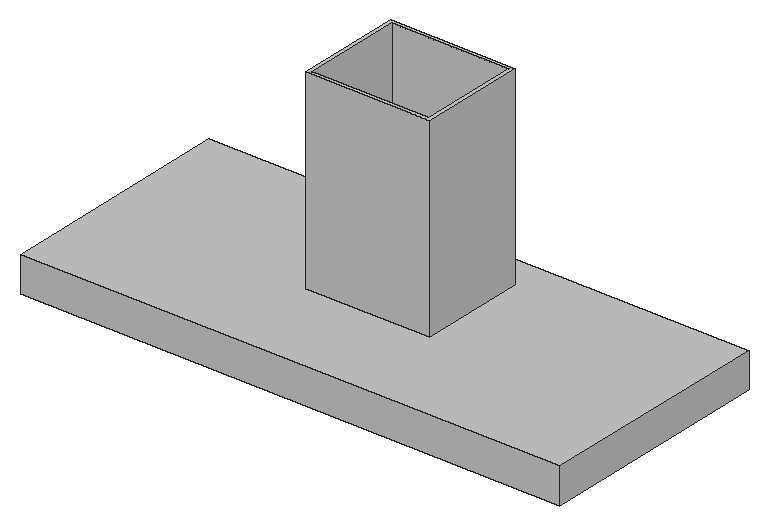
Revit family "AI442720", category Generic Models, Revit 2014
Parameters (values of type "AI442720")
  Width = 1600 mm
  URL = "http://www.gaggenau.com."
  Model = "AI442720"
  Manufacturer = "Gaggenau"
  Height = 680 mm
  Unit = Metal Panel
  Description = "Gaggenau 400 series professional island hood w/ baffle filters, w/o blower"
  Depth = 698 mm
Reference planes
  plane 1 "Center (Front/Back)": y = 0
  plane 2: z = 0
  plane 3 "Center (Left/Right)": x = 0
  plane 4: x = -800
  plane 5: x = 800
  plane 6: y = 349
  plane 7: y = -349
  plane 8: z = 680
  plane 9: z = 3
  plane 10: z = 330
  plane 11: z = 105
  plane 12: y = 34
  plane 13: x = -183.359
  plane 14: x = 183.359
Forms (mm)
  Extrusion 1, solid, material "Metal Panel" <- "Unit"
    sketch origin (0, 0, 0) x (1, 0, 0) y (0, 1, 0)
      loop
        line (-800, 349) -> (-800, -349) -> (800, -349) -> (800, 349) -> (-800, 349)
      loop
        line (-725, 274) -> (-725, -274) -> (725, -274) -> (725, 274) -> (-725, 274)
    from 0 to 105
  Extrusion 2, solid, material "Metal Panel" <- "Unit"
    sketch origin (0, -95, 0) x (1, 0, 0) y (0, 1, 0)
      loop
        line (-183.359, 349) -> (-183.359, 34) -> (183.359, 34) -> (183.359, 349) -> (-183.359, 349)
      loop
        line (-173.359, 339) -> (-173.359, 44) -> (173.359, 44) -> (173.359, 339) -> (-173.359, 339)
    from 105 to 680
  Extrusion 3, solid, material "Metal Panel" <- "Unit"
    sketch origin (0, 0, 0) x (1, 0, 0) y (0, 1, 0)
      loop
        line (-725, 274) -> (-725, -274) -> (725, -274) -> (725, 274) -> (-725, 274)
    from 48.585 to 105
  Extrusion 4, solid, material "Metal Panel" <- "Unit"
    sketch origin (0, 0, 0) x (0, 1, 0) y (1, 0, 0)
      loop
        line (-274, -687.754) -> (50.021, -687.754) -> (50.021, -659.442) -> (-274, -659.442) -> (-274, -687.754)
      loop
        line (-274, -607.754) -> (46.87, -607.754) -> (46.87, -579.442) -> (-274, -579.442) -> (-274, -607.754)
      loop
        line (-274, -522.754) -> (46.87, -522.754) -> (46.87, -494.442) -> (-274, -494.442) -> (-274, -522.754)
      loop
        line (-274, -422.754) -> (46.87, -422.754) -> (46.87, -394.442) -> (-274, -394.442) -> (-274, -422.754)
      loop
        line (-274, -342.754) -> (46.87, -342.754) -> (46.87, -314.442) -> (-274, -314.442) -> (-274, -342.754)
      loop
        line (-274, -257.754) -> (46.87, -257.754) -> (46.87, -229.442) -> (-274, -229.442) -> (-274, -257.754)
      loop
        line (-274, -157.754) -> (46.87, -157.754) -> (46.87, -129.442) -> (-274, -129.442) -> (-274, -157.754)
      loop
        line (-274, -77.754) -> (46.87, -77.754) -> (46.87, -49.442) -> (-274, -49.442) -> (-274, -77.754)
      loop
        line (-274, 7.246) -> (46.87, 7.246) -> (46.87, 35.558) -> (-274, 35.558) -> (-274, 7.246)
      loop
        line (-274, 107.246) -> (46.87, 107.246) -> (46.87, 135.558) -> (-274, 135.558) -> (-274, 107.246)
      loop
        line (-274, 187.246) -> (46.87, 187.246) -> (46.87, 215.558) -> (-274, 215.558) -> (-274, 187.246)
      loop
        line (-274, 272.246) -> (46.87, 272.246) -> (46.87, 300.558) -> (-274, 300.558) -> (-274, 272.246)
      loop
        line (-274, 372.246) -> (46.87, 372.246) -> (46.87, 400.558) -> (-274, 400.558) -> (-274, 372.246)
      loop
        line (-274, 452.246) -> (46.87, 452.246) -> (46.87, 480.558) -> (-274, 480.558) -> (-274, 452.246)
      loop
        line (-274, 537.246) -> (46.87, 537.246) -> (46.87, 565.558) -> (-274, 565.558) -> (-274, 537.246)
      loop
        line (-274, 637.246) -> (46.87, 637.246) -> (46.87, 665.558) -> (-274, 665.558) -> (-274, 637.246)
    from -48.585 to 0
  Extrusion 5, solid, material "Metal Panel" <- "Unit"
    sketch origin (0, 0, 0) x (1, 0, 0) y (0, 0, 1)
      loop
        circle (-248.905, 41.996) r 10
      loop
        circle (-188.905, 41.996) r 10
      loop
        circle (-108.905, 41.996) r 10
      loop
        circle (-48.905, 41.996) r 10
      loop
        circle (11.095, 41.996) r 10
      loop
        circle (71.095, 41.996) r 10
      loop
        circle (131.095, 41.996) r 10
      loop
        circle (191.095, 41.996) r 10
      loop
        circle (266.095, 41.996) r 10
    from 279.116 to 275
  Extrusion 6, solid, material "Metal Panel" <- "Unit"
    sketch origin (0, 0, 0) x (0, 1, 0) y (1, 0, 0)
      loop
        line (274, -725) -> (274, 725) -> (46.87, 725) -> (46.87, -725) -> (274, -725)
    from -48.585 to 0
  Extrusion 7, solid
    sketch origin (0, 0, 0) x (0, 1, 0) y (1, 0, 0)
      loop
        line (96.025, -663.116) -> (236.025, -663.116) -> (236.025, -73.116) -> (96.025, -73.116) -> (96.025, -663.116)
      loop
        line (96.025, 646.884) -> (96.025, 86.884) -> (236.025, 86.884) -> (236.025, 646.884) -> (96.025, 646.884)
    from 2.472 to -8.972
Cuts and joins
  joined: Extrusion 1, Extrusion 3
Dimensions and locks
  equal spacing: plane 4, plane 3 "Center (Left/Right)", plane 5
  equal spacing: plane 6, plane 1 "Center (Front/Back)", plane 7
  "Width": plane 4 to plane 5
  "Depth": plane 6 to plane 7
  "Height": plane 8 to plane 2
  plane 6 to plane 12 = 315 mm
  equal spacing: plane 13, plane 3 "Center (Left/Right)", plane 14
  plane 13 to plane 14 = 366.719 mm
  aligned and locked: level to plane 2
Automatic sketch dimensions
  Extrusion 1 sketch curve to plane 4 = 0 mm
  Extrusion 1 sketch curve to plane 5 = 0 mm
  plane 7 to Extrusion 1 sketch curve = 0 mm
  Extrusion 1 sketch curve to plane 6 = 0 mm
  plane 4 to Extrusion 1 sketch curve = 75 mm
  plane 5 to Extrusion 1 sketch curve = 75 mm
  Extrusion 1 sketch curve to plane 7 = 75 mm
  Extrusion 1 sketch curve to plane 6 = 75 mm
  Extrusion 2 sketch curve to plane 12 = 95 mm
  Extrusion 2 sketch curve to plane 13 = 0 mm
  Extrusion 2 sketch curve to plane 6 = 95 mm
  Extrusion 2 sketch curve to plane 14 = 0 mm
  plane 13 to Extrusion 2 sketch curve = 10 mm
  Extrusion 2 sketch curve to plane 14 = 10 mm
  Extrusion 2 sketch curve to plane 12 = 85 mm
  Extrusion 2 sketch curve to plane 6 = 105 mm
  plane 4 to Extrusion 3 sketch curve = 75 mm
  plane 5 to Extrusion 3 sketch curve = 75 mm
  Extrusion 3 sketch curve to plane 7 = 75 mm
  Extrusion 3 sketch curve to plane 6 = 75 mm
  Extrusion 1 to Extrusion 4 sketch curve = 0 mm  (x16)
  Extrusion 4 sketch curve to Extrusion 1 = 227.13 mm  (x15)
  Extrusion 4 sketch curve to Extrusion 1 = 223.979 mm
  Extrusion 4 sketch curve to Extrusion 1 = 59.442 mm
  Extrusion 4 sketch curve to Extrusion 4 sketch curve = 28.312 mm  (x16)
  Extrusion 4 sketch curve to Extrusion 4 sketch curve = 71.688 mm  (x5)
  Extrusion 4 sketch curve to Extrusion 4 sketch curve = 56.688 mm  (x5)
  Extrusion 4 sketch curve to Extrusion 4 sketch curve = 51.688 mm  (x5)
  Extrusion 5 sketch curve to plane 13 = 65.546 mm
  Extrusion 5 sketch curve to Extrusion 5 sketch curve = 60 mm  (x3)
  Extrusion 5 sketch curve to plane 3 "Center (Left/Right)" = 108.905 mm
  Extrusion 5 sketch curve to plane 3 "Center (Left/Right)" = 48.905 mm
  Extrusion 5 sketch curve to plane 14 = 112.265 mm
  Extrusion 5 sketch curve to plane 14 = 52.265 mm
  plane 9 to Extrusion 5 sketch curve = 38.996 mm  (x9)
  Extrusion 5 sketch curve to Extrusion 5 sketch curve = 75 mm
  Extrusion 6 sketch curve to Extrusion 1 = 0 mm  (x3)
  Extrusion 6 sketch curve to Extrusion 1 = 227.13 mm
  Extrusion 7 sketch curve to Extrusion 1 = 61.884 mm
  Extrusion 7 sketch curve to Extrusion 1 = 177.975 mm
  Extrusion 7 sketch curve to Extrusion 7 sketch curve = 0 mm
  Extrusion 7 sketch curve to Extrusion 1 = 37.975 mm  (x2)
  Extrusion 7 sketch curve to Extrusion 7 sketch curve = 590 mm
  Extrusion 7 sketch curve to Extrusion 7 sketch curve = 160 mm
  Extrusion 7 sketch curve to Extrusion 1 = 78.116 mm
  radius of Extrusion 5 sketch curve = 10 mm  (x9)
